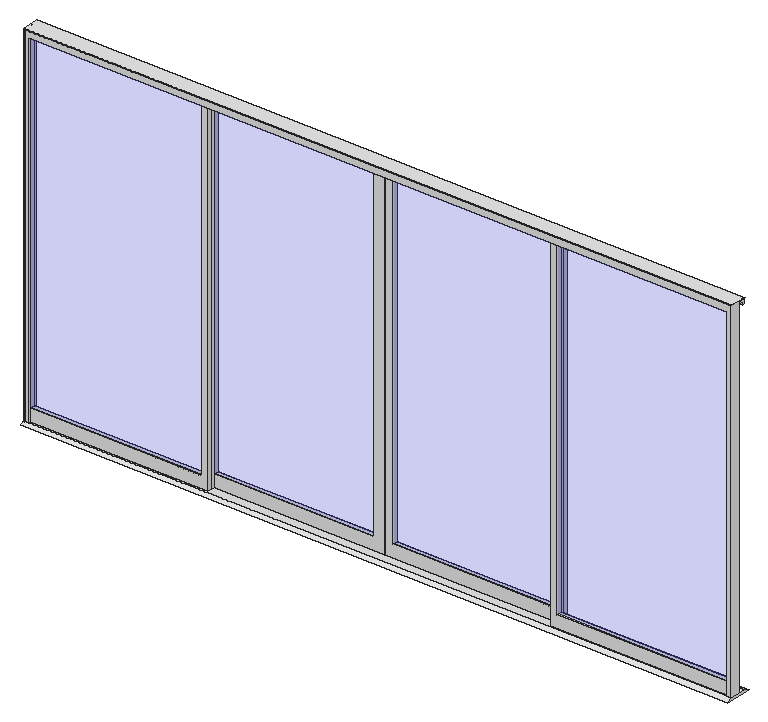
Revit family "Door-Sliding-Kawneer-1010_Mall_Front-OXXO", category Doors, host Wall, Revit 2015
Parameters (values of type "16'x8' - 1" Glazing")
  Wall Thickness [instance] = 1' - 5"
  URL = "http://www.kawneer.com/kawneer/en/home.asp"
  Type Comments = "1\" Glazing"
  Threshold Material = Aluminum - Kawneer - Clear
  Threshold Height = 0' - 0 19/32"  # constant formula
  Thickness = 0' - 1 1/2"  # constant formula
  Shim Space = 0' - 0 1/4"
  Product data url = "https://bimobject.com/kawneerna/product/20681"
  Product Page URL = "http://www.kawneer.com/kawneer/north_america/en/bim.asp?prod_id=1846"
  Product Documentation Link = "http://www.kawneer.com/kawneer/north_america/en/product_related_doc.asp?prod_id=1846&doc_id=114"
  Percent Open [instance] = 0
  Panel Width Fixed = (((Width - (Frame Jamb Width * 2)) / 4) + (0' 1 3/4" * 1) - 0' 0 1/16")  # 4' - 1 3/16"
  Panel Width = if(1 = 1, ((Width - 0' 1 3/4") / 4) - 0' 0 1/16" + (0' 1 3/4" * 0.5), 1' 0")  # 4' - 0 3/8"
  Panel Open Percent [instance] = if(Percent Open < 99, ((Panel Width Fixed - 0' 1 3/4") * ((100 - Percent Open) / 100)), Frame Jamb Width - 0' 0 3/16")  # 3' - 11 7/16"
  Panel Glazing Material [instance] = Glass - Kawneer - Clear
  Panel Finish [instance] = Aluminum - Kawneer - Clear
  Model = "1010 Sliding Mall Front"
  Manufacturer = "Kawneer"  # constant formula
  Intermediate Rail Height = 2' - 6"
  Height = 8' - 0"
  Has Intermediate Rail [instance] = no
  Glazing Thickness = 0' - 1"
  Function = Interior
  Frame Jamb Width = 0' - 1"  # constant formula
  Frame Inset [instance] = 0' - 0"
  Frame Head Width = 0' - 1 3/8"  # constant formula
  Frame Finish [instance] = Aluminum - Kawneer - Clear
  Wall Closure = By host
  Width = 16' - 0"
  Frame Depth = 0' - 4 17/32"  # constant formula
  Existing [instance] = no
  Description = "Sliding OXXO"
  Copyright © = "2013 Kawneer"  # constant formula
  CTRL Wall Thickness [instance] = if(1 = 1, Wall Thickness, 1' 0")  # 1' - 5"
  CTRL Panel Height = Height - 0' 0 3/4" - Threshold Height  # 7' - 10 21/32"
  CTRL Panel Offset Left [instance] = if(1 = 1, Panel Width Fixed - 0' 1 3/4", 1' 0")  # 3' - 11 7/16"
  CTRL Offset [instance] = if(Frame Inset < 0' 0", Frame Inset - Frame Inset - Frame Inset, 0' 0")  # 0' - 0"
  CTRL Inset [instance] = if(Frame Inset < 0' 0", 0' 0", Frame Inset)  # 0' - 0"
  CTRL Frame Sides Depth [instance] = 0' - 2 15/32"  # constant formula
  Assembly Code = "C1020110"
  Appear In Schedule = 0 = 0  # yes
Types (3): name | Type Comments | Glazing Thickness
  (no name) | "1/4\" Glazing" | 0' - 0 1/4"
  16'x8' - 1/4" Glazing | "1/4\" Glazing" | 0' - 0 1/4"
  16'x8' - 1" Glazing | "1\" Glazing" | 0' - 1"
Reference planes (in)
  plane 1 "Center (Front/Back)": y = 0
  plane 2 "Bottom": z = 0
  plane 3 "Center (Left/Right)": x = 0
  plane 4 "Top": z = 96
  plane 5 "Strike": x = -96
  plane 6 "Hinge": x = 96
  plane 7 "Wall Edge Exterior": y = 8.5
  plane 8 "Wall Edge Interior": y = -8.5
  plane 9 "Frame Inset": y = -2.26562
  plane 10 "Frame Offset": y = 0
  plane 11 "Operating Panel 1 L": x = -48.375
  plane 12 "Interlock Panel 2 L/R": x = 48.375
  plane 13 "Fixed Panel Right": x = 95.8125
  plane 14 "Fixed Panel Center": y = -1.03125
  plane 15 "Opening Right": x = 96.25
  plane 16 "Opening Left": x = -96.25
  plane 17 "Frame Right": x = 95
  plane 18 "Frame Left": x = -95
  plane 19 "Frame Head": z = 94.625
  plane 20 "Frame Exterior": y = 2.26563
  plane 21 "Exterior Frame Depth": y = -0.20312
  plane 22 "Interior Frame Depth": y = 0.20313
  plane 23 "Lock Jamb Panel Center": y = -1.03125
  plane 24 "Active Panel Center F/B": y = 1.03125
  plane 25 "Threshold Height": z = 0.59375
  plane 26 "Threshold Exterior": y = 3.51563
  plane 27 "Threshold Interior": y = -3.51562
  plane 28 "Frame Center F/B": y = 0
  plane 29 "Fixed Panel Left": x = -95.8125
  plane 30 "Opening Top": z = 96.25
Forms (in)
  Sweep 1, solid, material "Aluminum - Kawneer - Clear" <- "Frame Finish"
    path origin (0, 0, 0) x (1, 0, 0) y (0, 0, 1)
      loop
        line (0, 0.59375) -> (0, 96)
    profile origin (0, 0, 48.29687) x (-1, 0, 0) y (0, -1, 0)
      loop
        line (95, -0.20313) -> (96, -0.20313) -> (96, 2.26562) -> (95, 2.26562) -> (95, 1.89062) -> (95.8125, 1.89062) -> (95.8125, 0.17187) -> (95, 0.17187) -> (95, -0.20313)
      loop
        line (-95, -0.20313) -> (-95, 0.17187) -> (-95.8125, 0.17187) -> (-95.8125, 1.89063) -> (-95, 1.89063) -> (-95, 2.26562) -> (-96, 2.26562) -> (-96, -0.20313) -> (-95, -0.20313)
  Sweep 2, solid, material "Aluminum - Kawneer - Clear" <- "Threshold Material"
    path origin (0, 0, 0) x (1, 0, 0) y (0, 0, 1)
      loop
        line (-96.25, 0.59375) -> (96.25, 0.59375)
    profile origin (0, 0, 0.59375) x (0, 0, 1) y (0, -1, 0)
      loop
        line (-0.59375, 3.51562) -> (-0.59375, -3.51563) -> (0, -2.26563) -> (0, 2.26562) -> (-0.59375, 3.51562)
  Sweep 3, solid, material "Aluminum - Kawneer - Clear" <- "Frame Finish"
    path origin (0, 0, 0) x (1, 0, 0) y (0, 0, 1)
      loop
        line (-96, 94.625) -> (96, 94.625)
    profile origin (0, 0, 94.625) x (0, 0, 1) y (0, -1, 0)
      loop
        line (-0.34375, 2.26562) -> (-0.34375, 1.89062) -> (0.625, 1.89062) -> (0.625, 0.20312) -> (0, 0.20312) -> (0, -0.17188) -> (0.625, -0.17188) -> (0.625, -1.89063) -> (0, -1.89063) -> (0, -2.26563) -> (1.375, -2.26563) -> (1.375, 2.26562) -> (-0.34375, 2.26562)
  Sweep 4, solid, material "Silicone - Kawneer - Gray"
    path origin (0, 0, 0) x (-1, 0, 0) y (0, 0, 1)
      loop
        line (96.25, 96) -> (-96.25, 96)
    profile "Shim-Kawneer-Profile-2D : Top" origin (0, 0, 96) x (0, 0, -1) y (0, 1, 0)
      loop
        line (-0.25, -2.25) -> (0, -2.125) -> (0, 2.125) -> (-0.25, 2.25) -> (-0.25, -2.25)
  Sweep 5, solid, material "Silicone - Kawneer - Gray"
    path origin (0, -1.03125, 0) x (-1, 0, 0) y (0, 0, 1)
      loop
        line (-96, 96.25) -> (-96, 0)
    profile "Shim-Kawneer-Profile-2D : Sides" origin (96, -1.03125, 48.125) x (-1, 0, 0) y (0, 1, 0)
      loop
        line (-0.25, -1.35938) -> (0, -1.23438) -> (0, 1.23437) -> (-0.25, 1.35937) -> (-0.25, -1.35938)
  Sweep 6, solid, material "Silicone - Kawneer - Gray"
    path origin (0, -1.03125, 0) x (1, 0, 0) y (0, 0, 1)
      loop
        line (-96, 96.25) -> (-96, 0)
    profile "Shim-Kawneer-Profile-2D : Sides" origin (-96, -1.03125, 48.125) x (-1, 0, 0) y (0, 1, 0)
      loop
        line (0.25, -1.35938) -> (0.25, 1.35937) -> (0, 1.23437) -> (0, -1.23438) -> (0.25, -1.35938)
Cuts and joins
  joined: Sweep 1, Sweep 3
  joined: Sweep 4, Sweep 5, Sweep 6
Lines and regions (in)
  Opening 1
    outline origin (-60, -8.5, 0) x (1, 0, 0) y (0, 0, 1)
      loop
        line (-36.25, 96.25) -> (-36.25, 0) -> (156.25, 0) -> (156.25, 96.25) -> (-36.25, 96.25)
  Masking region 1, detail levels medium+fine
    outline origin (0, 0, 0.59375) x (-1, 0, 0) y (0, -1, 0)
      loop
        line (-95, -0.20313) -> (-95, 0.17187) -> (-95.8125, 0.17187) -> (-95.8125, 1.89062) -> (-95, 1.89062) -> (-95, 2.26562) -> (-96, 2.26562) -> (-96, -0.20313) -> (-95, -0.20313)
      loop
        line (95, -0.20313) -> (96, -0.20313) -> (96, 2.26562) -> (95, 2.26562) -> (95, 1.89062) -> (95.8125, 1.89062) -> (95.8125, 0.17187) -> (95, 0.17187) -> (95, -0.20313)
  Masking region 2, detail levels coarse
    outline origin (-0.8125, -0.08398, 0.59375) x (-1, 0, 0) y (0, -1, 0)
      loop
        line (94.1875, -0.2871) -> (95.1875, -0.2871) -> (95.1875, 2.18165) -> (94.1875, 2.18165) -> (94.1875, -0.2871)
      loop
        line (-95.8125, -0.2871) -> (-95.8125, 2.18165) -> (-96.8125, 2.18165) -> (-96.8125, -0.2871) -> (-95.8125, -0.2871)
  Masking region 3
    outline origin (-1.3125, -0.17201, 0.59375) x (-1, 0, 0) y (0, -1, 0)
      loop
        line (94.6875, -0.37513) -> (94.9375, -0.37513) -> (94.9375, 2.09362) -> (94.6875, 2.09362) -> (94.6875, -0.37513)
      loop
        line (-97.3125, -0.37513) -> (-97.3125, 2.09362) -> (-97.5625, 2.09362) -> (-97.5625, -0.37513) -> (-97.3125, -0.37513)
Text (in)
  text "EXTERIOR" at (-58.6888, 50.90694, 0), in view "Ref. Level"
  text "INTERIOR" at (-58.6888, -37.76638, 0), in view "Ref. Level"
  text "Exterior" at (0, 43.65631, 123.19604), in view "Left"
  text "Exterior" at (0, 18.29385, 125.04747), in view "Right"
Dimensions and locks (in)
  "Width": plane 5 "Strike" to plane 6 "Hinge"
  locked: plane 7 "Wall Edge Exterior" to host wall at 0
  "Wall Thickness": host wall to host wall
  "CTRL Wall Thickness": plane 7 "Wall Edge Exterior" to plane 8 "Wall Edge Interior"
  equal spacing: host wall, plane 1 "Center (Front/Back)", host wall
  equal spacing: plane 5 "Strike", plane 3 "Center (Left/Right)", plane 6 "Hinge"
  "Height": plane 4 "Top" to plane 2 "Bottom"
  "CTRL Offset": plane 10 "Frame Offset" to plane 1 "Center (Front/Back)"
  "Shim Space": plane 6 "Hinge" to plane 15 "Opening Right"
  "Shim Space": plane 16 "Opening Left" to plane 5 "Strike"
  "Frame Jamb Width": plane 5 "Strike" to plane 18 "Frame Left"
  "Frame Jamb Width": plane 17 "Frame Right" to plane 6 "Hinge"
  "Frame Head Width": plane 4 "Top" to plane 19 "Frame Head"
  "Frame Depth": plane 20 "Frame Exterior" to plane 9 "Frame Inset"
  "CTRL Frame Sides Depth": plane 20 "Frame Exterior" to plane 21 "Exterior Frame Depth"
  "CTRL Frame Sides Depth": plane 22 "Interior Frame Depth" to plane 9 "Frame Inset"
  equal spacing: plane 22 "Interior Frame Depth", plane 14 "Fixed Panel Center", plane 9 "Frame Inset"
  locked: plane 24 "Active Panel Center F/B" to plane 23 "Lock Jamb Panel Center" at 2.0625
  equal spacing: plane 20 "Frame Exterior", plane 24 "Active Panel Center F/B", plane 21 "Exterior Frame Depth"
  "Threshold Height": plane 25 "Threshold Height" to plane 2 "Bottom"
  locked: plane 9 "Frame Inset" to plane 27 "Threshold Interior" at 1.25
  locked: plane 26 "Threshold Exterior" to plane 20 "Frame Exterior" at 1.25
  locked: Sweep 3 sketch curve to plane 4 "Top" at 1.71875
  locked: plane 13 "Fixed Panel Right" to plane 6 "Hinge" at 0.1875
  "CTRL Inset": plane 10 "Frame Offset" to plane 28 "Frame Center F/B"
  "Panel Open Percent": plane 12 "Interlock Panel 2 L/R" to plane 13 "Fixed Panel Right"
  equal spacing: plane 20 "Frame Exterior", plane 28 "Frame Center F/B", plane 9 "Frame Inset"
  locked: plane 5 "Strike" to plane 29 "Fixed Panel Left" at 0.1875
  "Panel Open Percent": plane 29 "Fixed Panel Left" to plane 11 "Operating Panel 1 L"
  locked: Sweep 3 sketch curve to Sweep 3 sketch curve at 0.375
  locked: Sweep 3 sketch curve to plane 4 "Top" at 0.75
  locked: plane 22 "Interior Frame Depth" to Masking region 1 sketch curve at 0.375
  locked: Masking region 1 sketch curve to plane 9 "Frame Inset" at 0.375  (x2)
  locked: Masking region 1 sketch curve to plane 22 "Interior Frame Depth" at 0.375
  locked: Sweep 1 sketch curve to plane 9 "Frame Inset" at 0.375  (x2)
  locked: plane 22 "Interior Frame Depth" to Sweep 1 sketch curve at 0.375  (x2)
  locked: Sweep 3 sketch curve to plane 20 "Frame Exterior" at 0.375
  locked: Sweep 3 sketch curve to Sweep 3 sketch curve at 1.71875
  "Shim Space": plane 30 "Opening Top" to plane 4 "Top"
  aligned and locked: level to plane 2 "Bottom"
  aligned and locked: Opening 1 sketch curve to plane 16 "Opening Left"
  aligned and locked: Opening 1 sketch curve to plane 15 "Opening Right"
  aligned and locked: Opening 1 sketch curve to plane 2 "Bottom"
  aligned and locked: plane 3 "Center (Left/Right)" to Sweep 1 sketch curve
  aligned and locked: plane 25 "Threshold Height" to Sweep 1 sketch curve
  aligned and locked: Sweep 2 sketch curve to plane 25 "Threshold Height"  (x2)
  aligned and locked: plane 2 "Bottom" to Sweep 2 sketch curve
  aligned and locked: plane 26 "Threshold Exterior" to Sweep 2 sketch curve
  aligned and locked: plane 20 "Frame Exterior" to Sweep 2 sketch curve
  aligned and locked: plane 27 "Threshold Interior" to Sweep 2 sketch curve
  aligned and locked: plane 9 "Frame Inset" to Sweep 2 sketch curve
  aligned and locked: plane 6 "Hinge" to Sweep 3 sketch curve
  aligned and locked: plane 5 "Strike" to Sweep 3 sketch curve
  aligned and locked: Sweep 3 sketch curve to plane 19 "Frame Head"
  aligned and locked: plane 4 "Top" to Sweep 3 sketch curve
  aligned and locked: plane 9 "Frame Inset" to Sweep 3 sketch curve
  aligned and locked: Sweep 3 sketch curve to plane 20 "Frame Exterior"
  aligned and locked: plane 19 "Frame Head" to Sweep 3 sketch curve  (x2)
  aligned and locked: plane 4 "Top" to Sweep 1 sketch curve
  aligned and locked: nested 1 to plane 13 "Fixed Panel Right"
  aligned and locked: nested 2 to plane 12 "Interlock Panel 2 L/R"
  aligned and locked: plane 5 "Strike" to Masking region 1 sketch curve
  aligned and locked: Masking region 1 sketch curve to plane 18 "Frame Left"  (x2)
  aligned and locked: plane 17 "Frame Right" to Masking region 1 sketch curve  (x2)
  aligned and locked: Masking region 2 sketch curve to plane 18 "Frame Left"
  aligned and locked: plane 5 "Strike" to Masking region 2 sketch curve
  aligned and locked: Masking region 2 sketch curve to plane 6 "Hinge"
  aligned and locked: plane 17 "Frame Right" to Masking region 2 sketch curve
  aligned and locked: Masking region 1 sketch curve to plane 6 "Hinge"
  aligned and locked: Masking region 1 sketch curve to plane 13 "Fixed Panel Right"
  aligned and locked: nested 4 to plane 29 "Fixed Panel Left"
  aligned and locked: plane 11 "Operating Panel 1 L" to nested 3
  aligned and locked: Sweep 3 sketch curve to Sweep 3 sketch curve
  aligned and locked: nested 1 to plane 23 "Lock Jamb Panel Center"
  aligned and locked: nested 2 to plane 24 "Active Panel Center F/B"
  aligned and locked: nested 3 to plane 24 "Active Panel Center F/B"
  aligned and locked: nested 4 to plane 23 "Lock Jamb Panel Center"
  aligned and locked: Masking region 2 sketch curve to plane 9 "Frame Inset"
  aligned and locked: plane 22 "Interior Frame Depth" to Masking region 2 sketch curve
  aligned and locked: plane 9 "Frame Inset" to Masking region 2 sketch curve
  aligned and locked: Masking region 2 sketch curve to plane 22 "Interior Frame Depth"
  aligned and locked: plane 9 "Frame Inset" to Masking region 1 sketch curve
  aligned and locked: Masking region 1 sketch curve to plane 22 "Interior Frame Depth"
  aligned and locked: Masking region 1 sketch curve to plane 9 "Frame Inset"
  aligned and locked: plane 22 "Interior Frame Depth" to Masking region 1 sketch curve
  aligned and locked: plane 29 "Fixed Panel Left" to Masking region 1 sketch curve
  aligned and locked: Sweep 1 sketch curve to plane 6 "Hinge"
  aligned and locked: Sweep 1 sketch curve to plane 13 "Fixed Panel Right"
  aligned and locked: plane 17 "Frame Right" to Sweep 1 sketch curve  (x2)
  aligned and locked: Sweep 1 sketch curve to plane 22 "Interior Frame Depth"
  aligned and locked: plane 9 "Frame Inset" to Sweep 1 sketch curve
  aligned and locked: plane 22 "Interior Frame Depth" to Sweep 1 sketch curve
  aligned and locked: plane 5 "Strike" to Sweep 1 sketch curve
  aligned and locked: Sweep 1 sketch curve to plane 9 "Frame Inset"
  aligned and locked: Sweep 1 sketch curve to plane 18 "Frame Left"  (x2)
  aligned and locked: plane 29 "Fixed Panel Left" to Sweep 1 sketch curve
  aligned and locked: plane 16 "Opening Left" to Sweep 4 sketch curve
  aligned and locked: plane 15 "Opening Right" to Sweep 4 sketch curve
  aligned and locked: Sweep 4 sketch curve to plane 4 "Top"
  aligned and locked: Sweep 5 sketch curve to plane 30 "Opening Top"
  aligned and locked: Sweep 5 sketch curve to plane 6 "Hinge"
  aligned and locked: Sweep 5 sketch curve to plane 2 "Bottom"
  aligned and locked: plane 30 "Opening Top" to Sweep 6 sketch curve
  aligned and locked: plane 5 "Strike" to Sweep 6 sketch curve
  aligned and locked: plane 2 "Bottom" to Sweep 6 sketch curve
  aligned and locked: Opening 1 sketch curve to plane 30 "Opening Top"
  aligned and locked: plane 16 "Opening Left" to Masking region 3 sketch curve
  aligned and locked: plane 22 "Interior Frame Depth" to Masking region 3 sketch curve
  aligned and locked: Masking region 3 sketch curve to plane 9 "Frame Inset"
  aligned and locked: Masking region 3 sketch curve to plane 5 "Strike"
  aligned and locked: Masking region 3 sketch curve to plane 15 "Opening Right"
  aligned and locked: Masking region 3 sketch curve to plane 22 "Interior Frame Depth"
  aligned and locked: plane 9 "Frame Inset" to Masking region 3 sketch curve
  aligned and locked: plane 6 "Hinge" to Masking region 3 sketch curve
  aligned and locked: plane 15 "Opening Right" to Sweep 2 sketch curve
  aligned and locked: plane 16 "Opening Left" to Sweep 2 sketch curve
Automatic sketch dimensions
  Sweep 3 sketch curve to Sweep 3 sketch curve = 0' - 0 3/8"
  Masking region 1 sketch curve to plane 13 "Fixed Panel Right" = 0' - 0"
Nested families (in)
  nested 1: "Panel-Sliding-Kawneer-1010" at (71.21875, -1.03125, 0.59375), built-in parameter 1001364 <- "Threshold Height", Height <- "CTRL Panel Height", Width <- "Panel Width Fixed", Has Intermediate Rail <- "Has Intermediate Rail", Panel Material <- "Panel Finish", Glazing Material <- "Panel Glazing Material", Thickness <- "Thickness", Rail Intermediate Height <- "Intermediate Rail Height", Glazing Thickness <- "Glazing Thickness", type "L-B Interlock - Fixed Jamb"
    with Width 4' - 1 3/16", Thickness 0' - 1 1/2", Rail Intermediate Height 2' - 6", Panel Material Aluminum - Kawneer - Clear, Opens Right no, Opens Left no, Height 7' - 10 21/32", Has Intermediate Rail no, Glazing Thickness 0' - 1", Glazing Material Glass - Kawneer - Clear, CTRL Rail Intermediate Height 2' - 6", CTRL Rail Intermediate 0' - 0", CTRL Open Arrow no, Stile Right 0' - 0 13/16", Rail Head 0' - 1 1/8", Rail Bottom 0' - 3 1/4", Has Interlock Back Left yes
  nested 2: "Panel-Sliding-Kawneer-1010" at (24.1875, 1.03125, 0.59375), built-in parameter 1001364 <- "Threshold Height", Height <- "CTRL Panel Height", Width <- "Panel Width", Has Intermediate Rail <- "Has Intermediate Rail", Panel Material <- "Panel Finish", Glazing Material <- "Panel Glazing Material", Thickness <- "Thickness", Rail Intermediate Height <- "Intermediate Rail Height", Glazing Thickness <- "Glazing Thickness", type "2" Stile - R-F Interlock"
    with Width 4' - 0 3/8", Thickness 0' - 1 1/2", Rail Intermediate Height 2' - 6", Panel Material Aluminum - Kawneer - Clear, Opens Right yes, Opens Left no, Height 7' - 10 21/32", Has Intermediate Rail no, Glazing Thickness 0' - 1", Glazing Material Glass - Kawneer - Clear, CTRL Rail Intermediate Height 2' - 6", CTRL Rail Intermediate 0' - 0", CTRL Open Arrow yes, Stile Left 0' - 2 1/16", Rail Head 0' - 1 1/8", Rail Bottom 0' - 3 1/4", Has Interlock Front Right yes
  nested 3: "Panel-Sliding-Kawneer-1010" at (-24.1875, 1.03125, 0.59375), built-in parameter 1001364 <- "Threshold Height", Height <- "CTRL Panel Height", Width <- "Panel Width", Has Intermediate Rail <- "Has Intermediate Rail", Panel Material <- "Panel Finish", Glazing Material <- "Panel Glazing Material", Thickness <- "Thickness", Rail Intermediate Height <- "Intermediate Rail Height", Glazing Thickness <- "Glazing Thickness", type "L-F Interlock - 3" Stile"
    with Width 4' - 0 3/8", Thickness 0' - 1 1/2", Rail Intermediate Height 2' - 6", Panel Material Aluminum - Kawneer - Clear, Opens Right no, Opens Left yes, Height 7' - 10 21/32", Has Intermediate Rail no, Glazing Thickness 0' - 1", Glazing Material Glass - Kawneer - Clear, CTRL Rail Intermediate Height 2' - 6", CTRL Rail Intermediate 0' - 0", CTRL Open Arrow yes, Stile Right 0' - 3 1/16", Rail Head 0' - 1 1/8", Rail Bottom 0' - 3 1/4", Has Interlock Front Left yes
  nested 4: "Panel-Sliding-Kawneer-1010" at (-71.21875, -1.03125, 0.59375), built-in parameter 1001364 <- "Threshold Height", Height <- "CTRL Panel Height", Width <- "Panel Width Fixed", Has Intermediate Rail <- "Has Intermediate Rail", Panel Material <- "Panel Finish", Glazing Material <- "Panel Glazing Material", Thickness <- "Thickness", Rail Intermediate Height <- "Intermediate Rail Height", Glazing Thickness <- "Glazing Thickness", type "Fixed Jamb - R-B Interlock"
    with Width 4' - 1 3/16", Thickness 0' - 1 1/2", Rail Intermediate Height 2' - 6", Panel Material Aluminum - Kawneer - Clear, Opens Right no, Opens Left no, Height 7' - 10 21/32", Has Intermediate Rail no, Glazing Thickness 0' - 1", Glazing Material Glass - Kawneer - Clear, CTRL Rail Intermediate Height 2' - 6", CTRL Rail Intermediate 0' - 0", CTRL Open Arrow no, Stile Left 0' - 0 13/16", Rail Head 0' - 1 1/8", Rail Bottom 0' - 3 1/4", Has Interlock Back Right yes
Definition of nested family "Panel-Sliding-Kawneer-1010"
  Parameters
    Width [instance] = 3' - 0"
    Thickness [instance] = 0' - 1 1/2"
    Stile Right = 0' - 1 3/4"
    Stile Left = 0' - 1 3/4"
    Rail Intermediate Height [instance] = 2' - 6"
    Rail Intermediate = 0' - 1 3/4"
    Rail Head = 0' - 3"
    Rail Bottom = 0' - 7"
    Panel Material [instance] = none
    Opens Right [instance] = no
    Opens Left [instance] = no
    Manufacturer = "Kawneer"  # constant formula
    Height [instance] = 7' - 0"
    Has Intermediate Rail [instance] = no
    Has Interlock Front Right = no
    Has Interlock Front Left = no
    Has Interlock Back Right = no
    Has Interlock Back Left = no
    Glazing Thickness [instance] = 0' - 0 1/4"
    Glazing Material [instance] = none
    Description = "Storefront Mall Sliding 1010 Panel"  # constant formula
    CTRL Rail Intermediate Height [instance] = if(Height < Rail Intermediate Height, Height / 2, Rail Intermediate Height)  # 2' - 6"
    CTRL Rail Intermediate [instance] = if(Has Intermediate Rail, Rail Intermediate, 0' 0")  # 0' - 0"
    CTRL Open Arrow [instance] = or(Opens Right, Opens Left)  # no
  Reference planes (in)
    plane 1 "Center (Front/Back)": y = 0
    plane 2 "Original Bottom": z = 0
    plane 3 "Center (Left/Right)": x = 0
    plane 4 "Back": y = 0.75
    plane 5 "Front": y = -0.75
    plane 6 "Left": x = -18
    plane 7 "Right": x = 18
    plane 8: z = 84
    plane 9 "Left Stile R": x = -16.25
    plane 10 "Right Stile L": x = 16.25
    plane 11 "Head Rail B": z = 81
    plane 12 "Bottom Rail T": z = 7
    plane 13 "Glazing Back": y = 0.125
    plane 14 "Glazing Front": y = -0.125
    plane 15 "Interlock Front": y = -1.25
    plane 16 "Interlock Back": y = 1.25
    plane 17 "Right Interlock Center": x = 17.125
    plane 18 "Left Interlock Center": x = -17.125
    plane 19 "Intermediate Top": z = 31.75
    plane 20 "Intermediate Glass Top": z = 31.75
    plane 21 "Intermediate Bottom": z = 30
    plane 22 "Center Elevation": z = 42
  Forms (in)
    Sweep 1, solid, material <- "Panel Material"
      path origin (0, 0, 0) x (1, 0, 0) y (0, 1, 0)
        loop
          line (0, -0.75) -> (0, 0.75)
      profile origin (0, 0, 0) x (-1, 0, 0) y (0, 0, 1)
        loop
          line (18, 84) -> (-18, 84) -> (-18, 0) -> (18, 0) -> (18, 84)
        loop
          line (16.25, 81) -> (-16.25, 81) -> (-16.25, 7) -> (16.25, 7) -> (16.25, 81)
    Extrusion 2, solid, material <- "Glazing Material"
      sketch origin (0, 0, 0) x (1, 0, 0) y (0, 0, 1)
        loop
          line (-16.25, 81) -> (-16.25, 31.75) -> (16.25, 31.75) -> (16.25, 81) -> (-16.25, 81)
      from -0.125 to 0.125
    Sweep 3, solid, material <- "Panel Material", visible <- "Has Interlock Back Right", detail levels medium+fine
      path origin (0, 0.75, 0) x (-1, 0, 0) y (0, 0, 1)
        loop
          line (-17.125, 0) -> (-17.125, 84)
      profile origin (17.125, 0.75, 42) x (1, 0, 0) y (0, 1, 0)
        loop
          line (0, 0.5) -> (0, 0) -> (0.875, 0) -> (0.875, 0.5) -> (0, 0.5)
    Sweep 4, solid, material <- "Panel Material", visible <- "Has Interlock Back Left", detail levels medium+fine
      path origin (0, 0.75, 0) x (1, 0, 0) y (0, 0, 1)
        loop
          line (-17.125, 0) -> (-17.125, 84)
      profile origin (-17.125, 0.75, 42) x (1, 0, 0) y (0, 1, 0)
        loop
          line (0, 0.5) -> (-0.875, 0.5) -> (-0.875, 0) -> (0, 0) -> (0, 0.5)
    Sweep 5, solid, material <- "Panel Material", visible <- "Has Interlock Front Left", detail levels medium+fine
      path origin (0, -0.75, 0) x (-1, 0, 0) y (0, 0, 1)
        loop
          line (17.125, 0) -> (17.125, 84)
      profile origin (-17.125, -0.75, 42) x (1, 0, 0) y (0, 1, 0)
        loop
          line (-0.875, 0) -> (-0.875, -0.5) -> (0, -0.5) -> (0, 0) -> (-0.875, 0)
    Sweep 6, solid, material <- "Panel Material", visible <- "Has Interlock Front Right", detail levels medium+fine
      path origin (0, -0.75, 0) x (1, 0, 0) y (0, 0, 1)
        loop
          line (17.125, 0) -> (17.125, 84)
      profile origin (17.125, -0.75, 42) x (1, 0, 0) y (0, 1, 0)
        loop
          line (0.875, 0) -> (0, 0) -> (0, -0.5) -> (0.875, -0.5) -> (0.875, 0)
    Extrusion 7, solid, material <- "Glazing Material"
      sketch origin (-1, 0, -39) x (1, 0, 0) y (0, 0, 1)
        loop
          line (-15.25, 70.75) -> (-15.25, 46) -> (17.25, 46) -> (17.25, 70.75) -> (-15.25, 70.75)
      from -0.125 to 0.125
    Sweep 8, solid, material <- "Panel Material", visible <- "Has Intermediate Rail"
      path origin (0, 0, 0) x (1, 0, 0) y (0, 0, 1)
        loop
          line (-16.25, 31.75) -> (16.25, 31.75)
      profile origin (0, 0, 31.75) x (0, 0, 1) y (0, -1, 0)
        loop
          line (0, 0.75) -> (-1.75, 0.75) -> (-1.75, -0.75) -> (0, -0.75) -> (0, 0.75)
  Cuts and joins
    joined: Extrusion 2, Extrusion 7
  Lines and regions (in)
    Masking region 1
      outline origin (0, 0, 7) x (-1, 0, 0) y (0, -1, 0)
        loop
          line (18, -0.75) -> (18, 0.75) -> (16.25, 0.75) -> (16.25, -0.75) -> (18, -0.75)
        loop
          line (-16.25, -0.75) -> (-16.25, 0.75) -> (-18, 0.75) -> (-18, -0.75) -> (-16.25, -0.75)
    Masking region 2
      outline origin (0, 0, 7) x (-1, 0, 0) y (0, -1, 0)
        loop
          line (16.25, -0.75) -> (16.25, 0.75) -> (-16.25, 0.75) -> (-16.25, -0.75) -> (16.25, -0.75)
    Masking region 3, detail levels fine
      outline origin (0, 0, 7) x (-1, 0, 0) y (0, -1, 0)
        loop
          line (16.25, -0.125) -> (16.25, 0.125) -> (-16.25, 0.125) -> (-16.25, -0.125) -> (16.25, -0.125)
    Masking region 4, visible <- "Has Interlock Back Left", detail levels medium+fine
      outline origin (0, 0, 7) x (-1, 0, 0) y (0, -1, 0)
        loop
          line (18, -1.25) -> (18, -0.75) -> (17.125, -0.75) -> (17.125, -1.25) -> (18, -1.25)
    Masking region 5, visible <- "Has Interlock Back Right", detail levels medium+fine
      outline origin (0, 0, 7) x (0, -1, 0) y (1, 0, 0)
        loop
          line (-1.25, 18) -> (-1.25, 17.125) -> (-0.75, 17.125) -> (-0.75, 18) -> (-1.25, 18)
    Masking region 6, visible <- "Has Interlock Front Right", detail levels medium+fine
      outline origin (0, 0, 7) x (1, 0, 0) y (0, 1, 0)
        loop
          line (18, -1.25) -> (18, -0.75) -> (17.125, -0.75) -> (17.125, -1.25) -> (18, -1.25)
    Masking region 7, visible <- "Has Interlock Front Left", detail levels medium+fine
      outline origin (0, 0, 7) x (0, 1, 0) y (-1, 0, 0)
        loop
          line (-1.25, 18) -> (-1.25, 17.125) -> (-0.75, 17.125) -> (-0.75, 18) -> (-1.25, 18)
    symbolic lines, detail levels coarse+medium
      curve 1: line (-16.25, 0, 7) -> (16.25, 0, 7)
    model lines, visible <- "CTRL Open Arrow", detail levels medium+fine
      curve 2: line (-4, -0.125, 42) -> (4, -0.125, 42)
      curve 7: line (-4, 0.125, 42) -> (4, 0.125, 42)
    model lines, visible <- "Opens Right", detail levels medium+fine
      curve 3: line (2.58579, -0.125, 43.41421) -> (4, -0.125, 42)
      curve 4: line (2.58579, -0.125, 40.58579) -> (4, -0.125, 42)
      curve 8: line (2.58579, 0.125, 43.41421) -> (4, 0.125, 42)
      curve 9: line (2.58579, 0.125, 40.58579) -> (4, 0.125, 42)
    model lines, visible <- "Opens Left", detail levels medium+fine
      curve 5: line (-2.58579, -0.125, 43.41421) -> (-4, -0.125, 42)
      curve 6: line (-2.58579, -0.125, 40.58579) -> (-4, -0.125, 42)
      curve 10: line (-2.58579, 0.125, 43.41421) -> (-4, 0.125, 42)
      curve 11: line (-2.58579, 0.125, 40.58579) -> (-4, 0.125, 42)
  Dimensions and locks (in)
    "Thickness": plane 4 "Back" to plane 5 "Front"
    equal spacing: plane 4 "Back", plane 1 "Center (Front/Back)", plane 5 "Front"
    "Height": plane 8 to plane 2 "Original Bottom"
    equal spacing: plane 6 "Left", plane 3 "Center (Left/Right)", plane 7 "Right"
    "Width": plane 6 "Left" to plane 7 "Right"
    "Stile Left": plane 6 "Left" to plane 9 "Left Stile R"
    "Stile Right": plane 10 "Right Stile L" to plane 7 "Right"
    "Rail Bottom": plane 12 "Bottom Rail T" to plane 2 "Original Bottom"
    "Rail Head": plane 8 to plane 11 "Head Rail B"
    equal spacing: plane 13 "Glazing Back", plane 1 "Center (Front/Back)", plane 14 "Glazing Front"
    "Glazing Thickness": plane 13 "Glazing Back" to plane 14 "Glazing Front"
    locked: plane 5 "Front" to plane 15 "Interlock Front" at 0.5
    locked: plane 16 "Interlock Back" to plane 4 "Back" at 0.5
    equal spacing: plane 7 "Right", plane 17 "Right Interlock Center", plane 10 "Right Stile L"
    equal spacing: plane 6 "Left", plane 18 "Left Interlock Center", plane 9 "Left Stile R"
    "CTRL Rail Intermediate": plane 19 "Intermediate Top" to plane 20 "Intermediate Glass Top"
    "Rail Intermediate": plane 19 "Intermediate Top" to plane 21 "Intermediate Bottom"
    "CTRL Rail Intermediate Height": plane 21 "Intermediate Bottom" to plane 2 "Original Bottom"
    equal spacing: plane 8, plane 22 "Center Elevation", plane 2 "Original Bottom"
    equal spacing: curve 2, plane 3 "Center (Left/Right)", curve 2, locked at 4 each
    curve 3 to curve 3 = 0' - 1.41421"
    equal spacing: curve 3, plane 22 "Center Elevation", curve 4, locked at 1.41421 each
    curve 5 to plane 22 "Center Elevation" to curve 6 = 0' - 1.41421" locked, 0' - 1.41421" locked
    curve 7 to curve 7 = 0' - 8"
    equal spacing: curve 7, plane 3 "Center (Left/Right)", curve 7, locked at 4 each
    equal spacing: curve 8, plane 22 "Center Elevation", curve 9, locked at 1.41421 each
    equal spacing: curve 10, plane 22 "Center Elevation", curve 11, locked at 1.41421 each
    aligned and locked: plane 2 "Original Bottom" to level
    aligned and locked: plane 4 "Back" to Sweep 1 sketch curve
    aligned and locked: plane 5 "Front" to Sweep 1 sketch curve
    aligned and locked: plane 3 "Center (Left/Right)" to Sweep 1 sketch curve
    aligned and locked: plane 2 "Original Bottom" to Sweep 1 sketch curve
    aligned and locked: Sweep 1 sketch curve to plane 7 "Right"
    aligned and locked: Sweep 1 sketch curve to plane 8
    aligned and locked: Sweep 1 sketch curve to plane 6 "Left"
    aligned and locked: Sweep 1 sketch curve to plane 11 "Head Rail B"
    aligned and locked: Sweep 1 sketch curve to plane 9 "Left Stile R"
    aligned and locked: plane 12 "Bottom Rail T" to Sweep 1 sketch curve
    aligned and locked: plane 10 "Right Stile L" to Sweep 1 sketch curve
    aligned and locked: plane 10 "Right Stile L" to Extrusion 2 sketch curve
    aligned and locked: Extrusion 2 sketch curve to plane 9 "Left Stile R"
    aligned and locked: Extrusion 2 sketch curve to plane 11 "Head Rail B"
    aligned and locked: plane 13 "Glazing Back" to Extrusion 2
    aligned and locked: Extrusion 2 to plane 14 "Glazing Front"
    aligned and locked: plane 8 to Sweep 3 sketch curve
    aligned and locked: plane 2 "Original Bottom" to Sweep 3 sketch curve
    aligned and locked: plane 17 "Right Interlock Center" to Sweep 3 sketch curve  (x2)
    aligned and locked: Sweep 3 sketch curve to plane 7 "Right"
    aligned and locked: profile plane to Sweep 3 sketch curve
    aligned and locked: Sweep 3 sketch curve to plane 16 "Interlock Back"
    aligned and locked: plane 8 to Sweep 4 sketch curve
    aligned and locked: Sweep 4 sketch curve to plane 18 "Left Interlock Center"  (x2)
    aligned and locked: plane 2 "Original Bottom" to Sweep 4 sketch curve
    aligned and locked: plane 16 "Interlock Back" to Sweep 4 sketch curve
    aligned and locked: plane 6 "Left" to Sweep 4 sketch curve
    aligned and locked: Sweep 4 sketch curve to plane 4 "Back"
    aligned and locked: Sweep 5 sketch curve to plane 6 "Left"
    aligned and locked: plane 15 "Interlock Front" to Sweep 5 sketch curve
    aligned and locked: Sweep 5 sketch curve to plane 5 "Front"
    aligned and locked: plane 18 "Left Interlock Center" to Sweep 5 sketch curve
    aligned and locked: Sweep 5 sketch curve to plane 18 "Left Interlock Center"
    aligned and locked: plane 8 to Sweep 5 sketch curve
    aligned and locked: plane 2 "Original Bottom" to Sweep 5 sketch curve
    aligned and locked: plane 7 "Right" to Sweep 6 sketch curve
    aligned and locked: Sweep 6 sketch curve to plane 15 "Interlock Front"
    aligned and locked: plane 5 "Front" to Sweep 6 sketch curve
    aligned and locked: Sweep 6 sketch curve to plane 17 "Right Interlock Center"
    aligned and locked: plane 2 "Original Bottom" to Sweep 6 sketch curve
    aligned and locked: plane 8 to Sweep 6 sketch curve
    aligned and locked: plane 17 "Right Interlock Center" to Sweep 6 sketch curve
    aligned and locked: plane 19 "Intermediate Top" to Extrusion 2 sketch curve
    aligned and locked: Extrusion 7 sketch curve to plane 20 "Intermediate Glass Top"
    aligned and locked: plane 12 "Bottom Rail T" to Extrusion 7 sketch curve
    aligned and locked: plane 10 "Right Stile L" to Extrusion 7 sketch curve
    aligned and locked: Extrusion 7 sketch curve to plane 9 "Left Stile R"
    aligned and locked: plane 9 "Left Stile R" to Sweep 8 sketch curve
    aligned and locked: plane 10 "Right Stile L" to Sweep 8 sketch curve
    aligned and locked: Sweep 8 sketch curve to plane 19 "Intermediate Top"  (x2)
    aligned and locked: plane 21 "Intermediate Bottom" to Sweep 8 sketch curve
    aligned and locked: Sweep 8 sketch curve to plane 4 "Back"
    aligned and locked: plane 5 "Front" to Sweep 8 sketch curve
    aligned and locked: Masking region 1 sketch curve to plane 7 "Right"
    aligned and locked: Masking region 1 sketch curve to plane 10 "Right Stile L"
    aligned and locked: Masking region 1 sketch curve to plane 4 "Back"  (x2)
    aligned and locked: plane 5 "Front" to Masking region 1 sketch curve  (x2)
    aligned and locked: plane 9 "Left Stile R" to Masking region 1 sketch curve
    aligned and locked: Masking region 1 sketch curve to plane 6 "Left"
    aligned and locked: Masking region 2 sketch curve to plane 4 "Back"
    aligned and locked: plane 5 "Front" to Masking region 2 sketch curve
    aligned and locked: Masking region 2 sketch curve to plane 9 "Left Stile R"
    aligned and locked: plane 10 "Right Stile L" to Masking region 2 sketch curve
    aligned and locked: Masking region 3 sketch curve to plane 13 "Glazing Back"
    aligned and locked: Masking region 3 sketch curve to plane 9 "Left Stile R"
    aligned and locked: plane 10 "Right Stile L" to Masking region 3 sketch curve
    aligned and locked: plane 14 "Glazing Front" to Masking region 3 sketch curve
    aligned and locked: plane 9 "Left Stile R" to curve 1
    aligned and locked: plane 10 "Right Stile L" to curve 1
    aligned and locked: plane 1 "Center (Front/Back)" to curve 1
    aligned and locked: Masking region 4 sketch curve to plane 6 "Left"
    aligned and locked: plane 4 "Back" to Masking region 4 sketch curve
    aligned and locked: plane 18 "Left Interlock Center" to Masking region 4 sketch curve
    aligned and locked: Masking region 4 sketch curve to plane 16 "Interlock Back"
    aligned and locked: plane 7 "Right" to Masking region 5 sketch curve
    aligned and locked: plane 16 "Interlock Back" to Masking region 5 sketch curve
    aligned and locked: Masking region 5 sketch curve to plane 4 "Back"
    aligned and locked: Masking region 5 sketch curve to plane 17 "Right Interlock Center"
    aligned and locked: plane 15 "Interlock Front" to Masking region 6 sketch curve
    aligned and locked: plane 17 "Right Interlock Center" to Masking region 6 sketch curve
    aligned and locked: Masking region 6 sketch curve to plane 7 "Right"
    aligned and locked: Masking region 6 sketch curve to plane 5 "Front"
    aligned and locked: plane 13 "Glazing Back" to cut or joined group of Extrusion 2, Extrusion 7
    aligned and locked: cut or joined group of Extrusion 2, Extrusion 7 to plane 14 "Glazing Front"
    aligned and locked: plane 6 "Left" to Masking region 7 sketch curve
    aligned and locked: Masking region 7 sketch curve to plane 15 "Interlock Front"
    aligned and locked: Masking region 7 sketch curve to plane 18 "Left Interlock Center"
    aligned and locked: plane 5 "Front" to Masking region 7 sketch curve
    aligned and locked: plane 22 "Center Elevation" to curve 3
    aligned and locked: curve 7 to plane 22 "Center Elevation"
    aligned and locked: plane 22 "Center Elevation" to curve 9
  Automatic sketch dimensions
    plane 3 "Center (Left/Right)" to curve 2 = 0' - 4"
    curve 4 to plane 22 "Center Elevation" = 0' - 1.41421"
    curve 5 to curve 2 = 0' - 1.41421"
    curve 2 to curve 3 = 0' - 1.41421"
    plane 3 "Center (Left/Right)" to curve 7 = 0' - 4"
    plane 22 "Center Elevation" to curve 8 = 0' - 1.41421"
    curve 7 to curve 8 = 0' - 1.41421"
    curve 11 to curve 7 = 0' - 1.41421"
    curve 11 to plane 22 "Center Elevation" = 0' - 1.41421"
